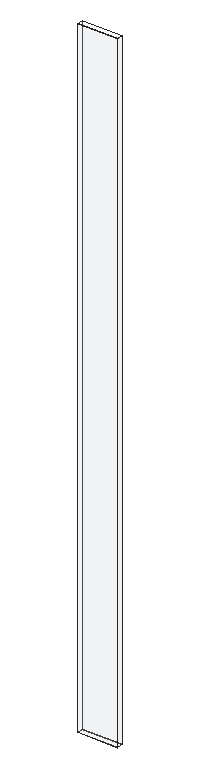
Revit family "Panel_Convex", category Curtain Panels, Revit 2024
Family settings
  Always vertical = Yes
  Cut with Voids When Loaded = No
  Shared = No
Parameters (values of type "3000mm Radius")
  r = [Radius - Outer] - Thickness_Panel  # 2975 mm
  Thickness_Panel = 25 mm
  Radius - Outer = 3000 mm
  Panel = _Default - Glass - Interior Vision
  EA_Repath [instance] = 0 mm
  Define Thermal Properties by = Schematic Type
  Assembly Code = ""
  Analytic Construction = "<None>"
Reference planes
  plane 1 "Front": y = 0
  plane 2: z = 0
  plane 3 "Center (Left/Right)": x = 476.223
  plane 4 "Left": x = 400.023
  plane 5 "Right": x = 552.423
  plane 6 "Top": z = 2438.4
Forms (mm)
  Extrusion 1, solid, material "_Default - Glass - Interior Vision" <- "Panel"
    sketch origin (0, 0, 0) x (1, 0, 0) y (0, 1, 0)
      loop
        line (400.023, 0) -> (400.023, -25.008)
        arc (400.023, -25.008) -> (476.223, -24.032) -> (552.423, -25.008) r 2975
        line (552.423, -25.008) -> (552.423, 0)
        arc (552.423, 0) -> (476.223, 0.968) -> (400.023, 0) r 3000
    from 0 to 2438.4
Text (mm)
  text "Exterior" at (-1379.057, 797.241, 0), in view "Ref. Level"
  text "Exterior" at (12192, 1055.114, 2275.943), in view "Right"
  text "Exterior" at (-6096, 1468.734, 2687.031), in view "Left"
Dimensions and locks
  equal spacing: plane 4 "Left", plane 3 "Center (Left/Right)", plane 5 "Right"
  "Radius - Outer": radius of Extrusion 1 sketch curve
  "r": radius of Extrusion 1 sketch curve
  aligned and locked: Extrusion 1 to plane 6 "Top"
  aligned and locked: Extrusion 1 to level
  aligned: plane 4 "Left" to Extrusion 1 sketch curve
Automatic sketch dimensions
  Extrusion 1 sketch curve to Extrusion 1 sketch curve = 0 mm  (x2)
  Extrusion 1 sketch curve to plane 1 "Front" = 0 mm
  Extrusion 1 sketch curve to plane 3 "Center (Left/Right)" = 0 mm
  Extrusion 1 sketch curve to plane 4 "Left" = 0 mm
  plane 5 "Right" to Extrusion 1 sketch curve = 0 mm
